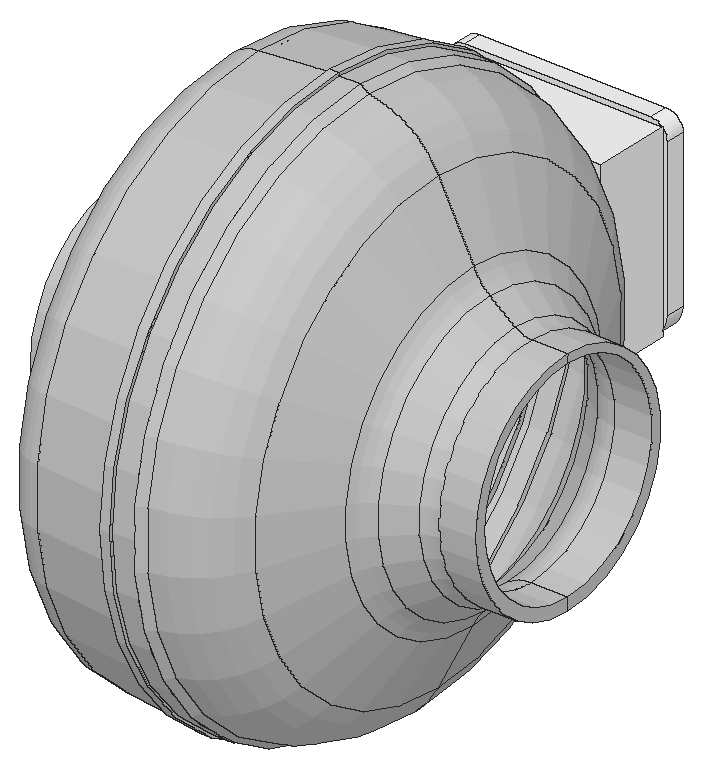
Revit family "CK 100 C AC_7000034", category Mechanical Equipment, Revit 2014
Parameters (values of type "CK 100 C AC")
  Wiring diagram = "4040001"
  Weight = 2.60 kg
  Voltage range = "220-240 / 50/60 V/Hz"
  Voltage = 230 V
  Speed = "2530 rpm"
  Sound pressure level at 3 m = "42 dB(A)"
  Power = 62 W
  Phase = 1
  Max. temperature of transported air when speed controlled = 60 °C
  Max. temperature of transported air = 60 °C
  Main Material = Steel, Galvanized
  Frequency = 50 Hz
  Elevation [instance] = 2721.5 mm
  Diameter = 99 mm
  Current = 0.27 A
  Capacitor = "2 μF"
Reference planes
  plane 1 "Center (Front/Back)": y = 0
  plane 2: z = 0
  plane 3 "Center (Left/Right)": x = 0
  plane 4: z = 2721.5
Dimensions and locks
  "Elevation": plane 4 to plane 2
  aligned and locked: level to plane 2
  aligned and locked: plane 4 to nested 1
  aligned and locked: plane 1 "Center (Front/Back)" to nested 2
  aligned and locked: plane 3 "Center (Left/Right)" to nested 2
Nested families
  nested 1: "CK 100 A AC_CK 100 C AC_CK 100 C EC_geometry" at (0, 0, 2600), type "CK 100 A AC_CK 100 C AC_CK 100 C EC_geometry"
  nested 2: "Flow direction symbol" at (0, 0, 0), type "Flow direction symbol"
Connectors
  hvac at (94, 0, 2721.5), driven by "Diameter"
    settings: on nested 1, index 1, duct flow 0.0 L/s, flow factor 0, pres drop 0.0 Pa, loss coef 0, conn angle 0.00°, conn width 304.8 mm, conn height 304.8 mm, conn diameter 99 mm, duct sys type 3, conn prof type 0, flow config 0, flow direction 2, loss method 0, conn ref index -1, conn util no, is conn primary yes, conn desc ""
  hvac at (-94, 0, 2721.5), driven by "Diameter"
    settings: on nested 1, index 2, duct flow 0.0 L/s, flow factor 0, pres drop 0.0 Pa, loss coef 0, conn angle 0.00°, conn width 304.8 mm, conn height 304.8 mm, conn diameter 99 mm, duct sys type 1, conn prof type 0, flow config 0, flow direction 1, loss method 0, conn ref index -1, conn util no, is conn primary no, conn desc ""
  electrical at (-31.645, 159.662, 2722.509), driven by "Phase", driven by "Voltage"
    settings: on nested 1, index 3, voltage 230 V, apparent load 0 VA, apparent load phase1 0 VA, apparent load phase2 0 VA, apparent load phase3 0 VA, power factor 1, load classification "Other", number of poles 1, system type 31, power factor state 1, is connector primary yes, connector utility no, sub classification motor no, connector description ""
Definition of nested family "CK 100 A AC_CK 100 C AC_CK 100 C EC_geometry"
  Parameters (values of type "CK 100 A AC_CK 100 C AC_CK 100 C EC_geometry")
    Main Material = Steel, Galvanized
  Reference planes
    plane 1 "Center (Front/Back)": y = 0
    plane 2: z = 0
    plane 3 "Center (Left/Right)": x = 0
    plane 4: z = 121.5
    plane 5: y = 159.662
    plane 6: y = 122.552
    plane 7: y = -120.448
    plane 8: x = -94
    plane 9: x = 94
    plane 10: z = 243
  Forms (mm)
    Revolve 1, solid, material "Steel, Galvanized" <- "Main Material", detail levels medium+fine
      sketch origin (0, 0, 0) x (1, 0, 0) y (0, 0, 1)
        loop
          line (94, 121.5) -> (-94, 121.5) -> (-94, 72) -> (-72.845, 71.999)
          arc (-72.845, 71.999) -> (-69.763, 70.722) -> (-68.486, 67.639) r 4.359
          line (-68.486, 67.639) -> (-68.486, 56.182)
          arc (-68.486, 56.182) -> (-67.971, 52.61) -> (-65.372, 50.105) r 5.56
          arc (-65.372, 50.105) -> (-59.752, 45.511) -> (-57.016, 38.787) r 14.704
          arc (-57.016, 38.787) -> (-55.036, 27.24) -> (-52.306, 15.847) r 179.266
          arc (-52.306, 15.847) -> (-46.573, 7.205) -> (-36.829, 3.657) r 16.589
          arc (-36.829, 3.657) -> (-21.85, 2.767) -> (-6.943, 1.042) r 268.553
          line (-6.943, 1.042) -> (-6.943, 0) -> (-2.855, 0) -> (-2.855, 1.082) -> (6.415, 1.082) -> (9.729, 3.579)
          arc (9.729, 3.579) -> (26.987, 10.308) -> (39.116, 24.309) r 38.554
          line (39.116, 24.309) -> (53.971, 53.463)
          arc (53.971, 53.463) -> (56.754, 58.275) -> (60.703, 62.187) r 20.985
          line (60.703, 62.187) -> (71.607, 70.439)
          arc (71.607, 70.439) -> (74.851, 72.152) -> (78.472, 72.744) r 11.376
          line (78.472, 72.744) -> (94, 72.744) -> (94, 121.5)
        axis (-94, 121.5) -> (94, 121.5)
      angle from 0 to 360
    Revolve 2, void
      sketch origin (0, 0, 0) x (1, 0, 0) y (0, 0, 1)
        loop
          line (94.162, 122.554) -> (-94, 122.554) -> (-94, 78.092) -> (-72.845, 78.092)
          arc (-72.845, 78.092) -> (-66.227, 75.351) -> (-63.486, 68.733) r 9.359
          line (-63.486, 68.733) -> (-63.486, 55.796)
          arc (-63.486, 55.796) -> (-55.804, 49.634) -> (-52.063, 40.525) r 19.704
          arc (-52.063, 40.525) -> (-50.138, 29.3) -> (-47.485, 18.225) r 174.266
          arc (-47.485, 18.225) -> (-43.48, 12.188) -> (-36.672, 9.708) r 11.589
          arc (-36.672, 9.708) -> (-21.773, 8.833) -> (-6.943, 7.147) r 273.553
          line (-6.943, 7.147) -> (-6.943, 5) -> (-2.855, 5) -> (-2.855, 6.511) -> (4.742, 6.511) -> (7.814, 8.826)
          arc (7.814, 8.826) -> (23.579, 14.459) -> (34.661, 27.008) r 33.554
          line (34.661, 27.008) -> (49.43, 55.995)
          arc (49.43, 55.995) -> (52.86, 61.842) -> (57.686, 66.603) r 25.985
          line (57.686, 66.603) -> (68.59, 74.855)
          arc (68.59, 74.855) -> (73.26, 77.322) -> (78.472, 78.174) r 16.376
          line (78.472, 78.174) -> (94.162, 78.174) -> (94.162, 122.554)
        axis (-94, 122.554) -> (94.162, 122.554)
      angle from 0 to 360
    Extrusion 3, solid, material "Plastic", detail levels medium+fine
      sketch origin (0, 0, 0) x (1, 0, 0) y (0, 0, 1)
        loop
          line (7.833, 163.259) -> (-71.124, 163.259)
          arc (-71.124, 163.259) -> (-76.073, 161.209) -> (-78.124, 156.259) r 7
          line (-78.124, 156.259) -> (-78.124, 90.259)
          arc (-78.124, 90.259) -> (-75.195, 83.188) -> (-68.124, 80.259) r 10
          line (-68.124, 80.259) -> (4.833, 80.259)
          arc (4.833, 80.259) -> (11.904, 83.188) -> (14.833, 90.259) r 10
          line (14.833, 90.259) -> (14.833, 156.259)
          arc (14.833, 156.259) -> (12.783, 161.209) -> (7.833, 163.259) r 7
      from -159.662 to -151.628
    Extrusion 4, solid, material "Plastic", detail levels medium+fine
      sketch origin (0, 0, 0) x (0, 1, 0) y (0, 0, 1)
        loop
          line (118.852, 161.259) -> (118.852, 81.741) -> (151.628, 81.741) -> (151.628, 161.259) -> (118.852, 161.259)
      from -76.1 to 12.8
    Revolve 5, solid, material "Steel, Galvanized" <- "Main Material", detail levels coarse
      sketch origin (0, 0, 0) x (1, 0, 0) y (0, 0, 1)
        loop
          line (-68.474, 72) -> (-51.56, 16.677)
          arc (-51.56, 16.677) -> (-48.673, 10.999) -> (-44.025, 6.643) r 18.428
          arc (-44.025, 6.643) -> (-10.637, 0.974) -> (22.751, 6.643) r 101.166
          arc (22.751, 6.643) -> (34.373, 16.472) -> (42.035, 29.624) r 44.82
          line (42.035, 29.624) -> (53.971, 53.463) -> (77.611, 71.933) -> (94, 71.933) -> (94, 121.5) -> (-94, 121.5) -> (-94, 72) -> (-68.474, 72)
        axis (-94, 121.5) -> (94, 121.5)
      angle from 0 to 360
  Cuts and joins
    Revolve 2 cuts Revolve 1
  Dimensions and locks
    aligned and locked: level to plane 2
    aligned and locked: cut or joined group of Revolve 1, Revolve 2 to plane 8
    aligned and locked: plane 9 to cut or joined group of Revolve 1, Revolve 2  (x2)
Definition of nested family "Flow direction symbol"
  Parameters (values of type "Flow direction symbol")
    Warning = "!"
    Text = "DIMENSIONS OVERCONSTRAINT"
  Reference planes
    plane 1: y = 0
    plane 2: x = 0
  Lines and regions (mm)
    detail lines
      curve 1: line (-0.506, 0.877, 0) -> (-0.506, -0.877, 0)
      curve 2: line (1.012, 0, 0) -> (-0.506, -0.877, 0)
      curve 3: line (-0.506, 0.877, 0) -> (1.012, 0, 0)
      curve 4: circle (0, 0, 0) r 1 normal (0, 0, 1)
